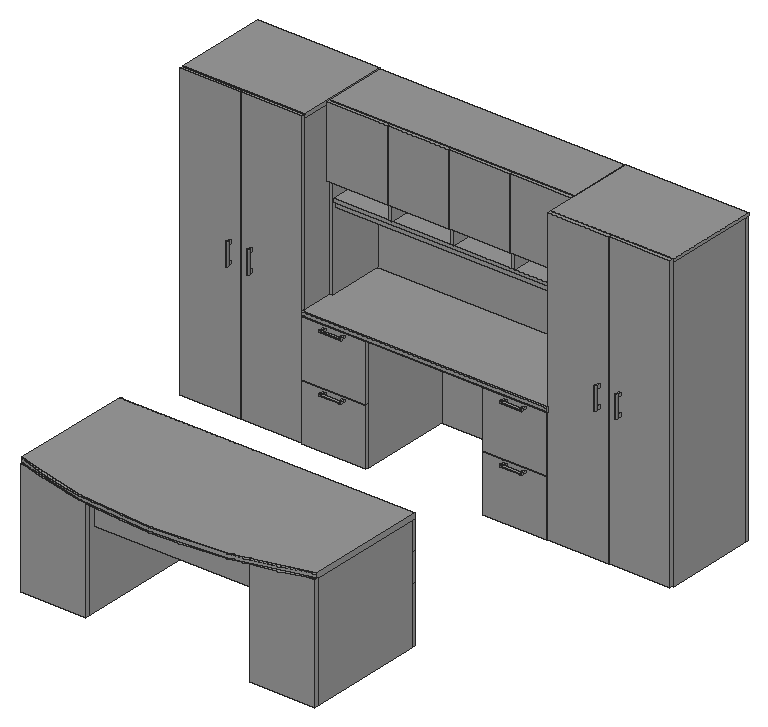
Revit family "JSI-Vision-Typical_Veneer-VSV100", category Furniture, Revit 2020 (continued)
Definition of nested family "JSI-Vision-Overhead_Cabinets_with_Cubbies"
  Lines and regions (in)
    symbolic lines
      curve 1: line (89.875, -0.125, 0) -> (0.125, -0.125, 0)
      curve 2: line (0.125, -0.125, 0) -> (0.125, -15.5625, 0)
      curve 3: line (0.125, -15.5625, 0) -> (89.875, -15.5625, 0)
      curve 4: line (89.875, -15.5625, 0) -> (89.875, -0.125, 0)
      curve 5: line (0.1875, -15.6875, 0) -> (15.02083, -15.6875, 0)
      curve 6: line (0.1875, -16.4375, 0) -> (0.1875, -15.6875, 0)
      curve 7: line (15.02083, -16.4375, 0) -> (0.1875, -16.4375, 0)
      curve 8: line (15.02083, -15.6875, 0) -> (15.02083, -16.4375, 0)
      curve 9: line (15.14583, -15.6875, 0) -> (29.97917, -15.6875, 0)
      curve 10: line (15.14583, -16.4375, 0) -> (15.14583, -15.6875, 0)
      curve 11: line (29.97917, -16.4375, 0) -> (15.14583, -16.4375, 0)
      curve 12: line (29.97917, -15.6875, 0) -> (29.97917, -16.4375, 0)
      curve 13: line (30.10417, -15.6875, 0) -> (44.9375, -15.6875, 0)
      curve 14: line (30.10417, -16.4375, 0) -> (30.10417, -15.6875, 0)
      curve 15: line (44.9375, -16.4375, 0) -> (30.10417, -16.4375, 0)
      curve 16: line (44.9375, -15.6875, 0) -> (44.9375, -16.4375, 0)
      curve 17: line (45.0625, -15.6875, 0) -> (59.89583, -15.6875, 0)
      curve 18: line (45.0625, -16.4375, 0) -> (45.0625, -15.6875, 0)
      curve 19: line (59.89583, -16.4375, 0) -> (45.0625, -16.4375, 0)
      curve 20: line (59.89583, -15.6875, 0) -> (59.89583, -16.4375, 0)
      curve 21: line (60.02083, -15.6875, 0) -> (74.85417, -15.6875, 0)
      curve 22: line (60.02083, -16.4375, 0) -> (60.02083, -15.6875, 0)
      curve 23: line (74.85417, -16.4375, 0) -> (60.02083, -16.4375, 0)
      curve 24: line (74.85417, -15.6875, 0) -> (74.85417, -16.4375, 0)
      curve 25: line (74.97917, -15.6875, 0) -> (89.8125, -15.6875, 0)
      curve 26: line (74.97917, -16.4375, 0) -> (74.97917, -15.6875, 0)
      curve 27: line (89.8125, -16.4375, 0) -> (74.97917, -16.4375, 0)
      curve 28: line (89.8125, -15.6875, 0) -> (89.8125, -16.4375, 0)
  Dimensions and locks (in)
    locked: plane 3 "Center Left/Right" to plane 7 at 0.125
    locked: plane 8 to plane 6 at 0.125
    locked: plane 5 to plane 1 "Center Front/Back" at 0.125
    plane 10 to plane 9 to plane 22 to plane 23 = 7/16" locked, 3/4" locked, 3/4" locked
    "Width": plane 3 "Center Left/Right" to plane 6
    "Depth": plane 10 to plane 1 "Center Front/Back"
    locked: plane 11 to plane 12 at 0.5
    locked: plane 7 to plane 13 at 0.75
    locked: plane 14 to plane 8 at 0.75
    locked: plane 15 to plane 5 at 0.75
    plane 17 to plane 16 to plane 5 = 3/4" locked, 13/16" locked
    locked: plane 11 to plane 18 at 0.75
    locked: plane 20 to plane 19 at 0.75
    plane 18 to plane 20 = 14 1/2"
    locked: plane 11 to plane 26 at 0.0625
    locked: plane 19 to plane 27 at 1.3125
    plane 29 to plane 28 to plane 9 = 3/4" locked, 1/8" locked
    "Door Width": Extrusion 6 sketch curve to Extrusion 6 sketch curve
    "Door Width": Extrusion 7 sketch curve to Extrusion 7 sketch curve
    equal spacing: group 1, group 2, group 5, group 6, group 7, group 8  (x3)
    "Door Array Spacing": Extrusion 6 to Extrusion 7
    "Verticall Partition Distance": plane 24 to plane 31
    plane 33 to plane 31 to plane 34 = 3/8" locked, 3/8" locked
    plane 35 to plane 32 to plane 36 = 3/8" locked, 3/8" locked
    "Verticall Partition Distance": plane 32 to plane 25
    "Unit Centre": plane 3 "Center Left/Right" to plane 30
    locked: plane 13 to plane 37 "Not a Reference" at 6
    locked: plane 38 to plane 14 at 6
    "Door Align Spacing": plane 7 to plane 24
    "Door Align Spacing": plane 25 to plane 8
    locked: plane 19 to plane 39 at 6
    plane 40 to plane 39 to plane 21 = 3/4" locked, 1 1/2" locked
    locked: plane 43 to plane 13 at 0.375
    locked: plane 14 to plane 44 at 0.375
    "Bottom Partition Array Start Distance": plane 24 to plane 45
    plane 46 to plane 45 to plane 47 = 3/8" locked, 3/8" locked
    equal spacing: group 3, group 4, group 9, group 10, group 11  (x3)
    "Bottom Partition Array Distance": Extrusion 12 to Extrusion 13
    "Bottom Partition Array Space": plane 24 to Extrusion 12
    plane 41 to plane 30 to plane 42 = 3/8" locked, 3/8" locked
    "OH Elevation": plane 48 to plane 4
    "Height": plane 12 to plane 48
    "Overhead Height": plane 19 to plane 48
    "Door Width": Extrusion 14 sketch curve to Extrusion 14 sketch curve
    "Door Width": Extrusion 15 sketch curve to Extrusion 15 sketch curve
    "Door Width": Extrusion 16 sketch curve to Extrusion 16 sketch curve
    "Door Width": Extrusion 17 sketch curve to Extrusion 17 sketch curve
    locked: Extrusion 10 sketch curve to Extrusion 1 at 9.6263
    locked: Extrusion 10 sketch curve to Extrusion 10 sketch curve at 21.84469  (x2)
    locked: Extrusion 10 sketch curve to Extrusion 10 sketch curve at 9.6263
    aligned and locked: level to plane 2
    aligned and locked: plane 5 to Extrusion 1 sketch curve
    aligned and locked: plane 7 to Extrusion 1 sketch curve
    aligned and locked: Extrusion 1 sketch curve to plane 13
    aligned and locked: Extrusion 2 sketch curve to plane 5
    aligned and locked: plane 8 to Extrusion 2 sketch curve
    aligned and locked: Extrusion 2 sketch curve to plane 14
    aligned and locked: Extrusion 3 sketch curve to plane 11
    aligned and locked: plane 7 to Extrusion 3 sketch curve
    aligned and locked: Extrusion 3 to plane 5
    aligned and locked: plane 9 to Extrusion 1
    aligned and locked: plane 9 to Extrusion 2
    aligned and locked: plane 9 to Extrusion 3
    aligned and locked: Extrusion 4 sketch curve to plane 20
    aligned and locked: plane 13 to Extrusion 4 sketch curve
    aligned and locked: plane 19 to Extrusion 4 sketch curve
    aligned and locked: Extrusion 4 sketch curve to plane 14
    aligned and locked: Extrusion 4 to plane 17
    aligned and locked: plane 9 to Extrusion 4
    aligned and locked: plane 23 to Extrusion 5 sketch curve
    aligned and locked: plane 13 to Extrusion 5 sketch curve
    aligned and locked: Extrusion 5 sketch curve to plane 22
    aligned and locked: Extrusion 5 sketch curve to plane 14
    aligned and locked: Extrusion 5 to plane 21
    aligned and locked: Extrusion 6 to plane 24
    aligned and locked: plane 17 to Extrusion 8 sketch curve
    aligned and locked: plane 33 to Extrusion 8 sketch curve
    aligned and locked: Extrusion 8 sketch curve to plane 9
    aligned and locked: Extrusion 8 sketch curve to plane 34
    aligned and locked: plane 17 to Extrusion 9 sketch curve
    aligned and locked: plane 35 to Extrusion 9 sketch curve
    aligned and locked: Extrusion 9 sketch curve to plane 9
    aligned and locked: Extrusion 9 sketch curve to plane 36
    aligned and locked: plane 18 to Extrusion 8
    aligned and locked: Extrusion 8 to plane 20
    aligned and locked: plane 18 to Extrusion 9
    aligned and locked: Extrusion 9 to plane 20
    aligned and locked: Extrusion 1 to Extrusion 10 sketch curve
    aligned and locked: Extrusion 10 sketch curve to Extrusion 1
    aligned and locked: Extrusion 10 sketch curve to Extrusion 2
    aligned and locked: Extrusion 10 to plane 16
    aligned and locked: plane 17 to Extrusion 10
    aligned and locked: Extrusion 6 to plane 27
    aligned and locked: Extrusion 11 sketch curve to plane 39
    aligned and locked: Extrusion 11 sketch curve to plane 40
    aligned and locked: Extrusion 11 sketch curve to plane 13
    aligned and locked: Extrusion 11 sketch curve to plane 14
    aligned and locked: Extrusion 11 to plane 17
    aligned and locked: plane 9 to Extrusion 11
    aligned and locked: plane 39 to Extrusion 5
    aligned and locked: Extrusion 12 to plane 40
    aligned and locked: plane 19 to Extrusion 12
    aligned and locked: plane 30 to nested 1
    aligned and locked: plane 29 to nested 1
    aligned and locked: plane 27 to Extrusion 6  (x3)
    aligned and locked: Extrusion 7 to plane 27
    aligned and locked: Extrusion 12 to plane 19  (x2)
    aligned and locked: plane 40 to Extrusion 12  (x2)
    aligned and locked: plane 19 to Extrusion 13
    aligned and locked: Extrusion 13 to plane 40
    aligned and locked: plane 18 to Extrusion 2
    aligned and locked: plane 18 to Extrusion 1
    aligned and locked: plane 26 to Extrusion 6
    aligned and locked: curve 1 to Extrusion 3
    aligned and locked: curve 2 to Extrusion 3
    aligned and locked: curve 3 to Extrusion 3
    aligned and locked: curve 4 to Extrusion 3
    aligned and locked: plane 26 to Extrusion 7
    aligned and locked: Extrusion 13 to plane 19
    aligned and locked: plane 40 to Extrusion 13
    aligned and locked: Extrusion 1 to plane 48
    aligned and locked: Extrusion 2 to plane 48
    aligned and locked: Extrusion 10 sketch curve to plane 48
    aligned and locked: curve 5 to Extrusion 6
    aligned and locked: curve 6 to Extrusion 6
    aligned and locked: curve 7 to Extrusion 6
    aligned and locked: curve 8 to Extrusion 6
    aligned and locked: curve 9 to Extrusion 7
    aligned and locked: curve 10 to Extrusion 7
    aligned and locked: curve 11 to Extrusion 7
    aligned and locked: curve 12 to Extrusion 7
    aligned and locked: curve 13 to Extrusion 14
    aligned and locked: curve 14 to Extrusion 14
    aligned and locked: curve 15 to Extrusion 14
    aligned and locked: curve 16 to Extrusion 14
    aligned and locked: curve 17 to Extrusion 15
    aligned and locked: curve 18 to Extrusion 15
    aligned and locked: curve 19 to Extrusion 15
    aligned and locked: curve 20 to Extrusion 15
    aligned and locked: curve 21 to Extrusion 16
    aligned and locked: curve 22 to Extrusion 16
    aligned and locked: curve 23 to Extrusion 16
    aligned and locked: curve 24 to Extrusion 16
    aligned and locked: curve 25 to Extrusion 17
    aligned and locked: curve 26 to Extrusion 17
    aligned and locked: curve 27 to Extrusion 17
    aligned and locked: curve 28 to Extrusion 17
  Automatic sketch dimensions
    Extrusion 1 sketch curve to plane 10 = 7/16"
    Extrusion 3 sketch curve to plane 8 = 0"
    Extrusion 3 sketch curve to plane 18 = 0"
    plane 9 to Extrusion 2 sketch curve = 0"
    Extrusion 6 sketch curve to Extrusion 6 sketch curve = 3/4"
    Extrusion 7 sketch curve to Extrusion 7 sketch curve = 3/4"
    Extrusion 12 sketch curve to Extrusion 12 sketch curve = 3/4"
    Extrusion 12 sketch curve to Extrusion 12 sketch curve = 13 7/8"
    Extrusion 13 sketch curve to Extrusion 13 sketch curve = 3/4"
    Extrusion 13 sketch curve to Extrusion 13 sketch curve = 13 7/8"
    Extrusion 14 sketch curve to Extrusion 14 sketch curve = 3/4"
    Extrusion 15 sketch curve to Extrusion 15 sketch curve = 3/4"
    Extrusion 16 sketch curve to Extrusion 16 sketch curve = 3/4"
    Extrusion 17 sketch curve to Extrusion 17 sketch curve = 3/4"
    Extrusion 18 sketch curve to Extrusion 18 sketch curve = 3/4"
    Extrusion 18 sketch curve to Extrusion 18 sketch curve = 13 7/8"
    Extrusion 19 sketch curve to Extrusion 19 sketch curve = 3/4"
    Extrusion 19 sketch curve to Extrusion 19 sketch curve = 13 7/8"
    Extrusion 20 sketch curve to Extrusion 20 sketch curve = 3/4"
    Extrusion 20 sketch curve to Extrusion 20 sketch curve = 13 7/8"
    curve 6 to curve 7 = 14.83333"
    curve 6 to curve 6 = 3/4"
    curve 10 to curve 11 = 14.83333"
    curve 10 to curve 10 = 3/4"
    curve 14 to curve 15 = 14.83333"
    curve 14 to curve 14 = 3/4"
    curve 18 to curve 19 = 14.83333"
    curve 18 to curve 18 = 3/4"
    curve 22 to curve 23 = 14.83333"
    curve 22 to curve 22 = 3/4"
    curve 26 to curve 27 = 14.83333"
    curve 26 to curve 26 = 3/4"
    radius of Extrusion 10 sketch curve = 0.33402"  (x2)
  Nested families (in)
    nested 1: "Label 1-16 OH" at (45, -16.4375, 0), type "OH DOORS"
  Definition of nested family "Label 1-16 OH"
    Parameters
      Width = 1"
      Model Name = "XX"
    Reference planes (in)
      plane 1: y = 0
      plane 2: x = 0
    Text (in)
      label "XX" at (0.00051, -0.12324, 0), shows "Model Name"
Definition of nested family "JSI-Vision-Modular_File_File_Pedestal"
  Parameters (values of type "Modular FF Ped - Type Catalog Family")
    URL = "www.jsifurniture.com"
    Tag = "FF"
    Series = "Vision Casegoods"  # constant formula
    Pull Finish = none
    Ped Width = 16"
    Ped Height = 28"
    Model = "Type Catalog"
    Manufacturer = "JSI"  # constant formula
    Keynote = "12500"  # constant formula
    JSI Enviromental website = "http://www.jsifurniture.com/jsi_sustainability_intro.php"
    Description = "Type Catalog"
    Default Elevation = 0"
    Chassis = none
    Ped Depth = 20"
    Grommet Finish = none
    Drawer Front = none
    Assembly Code = "E2020200"
  Reference planes (in)
    plane 1 "Center Front/Back": y = 0
    plane 2: z = 0
    plane 3 "Center Left/Right": x = 0
    plane 4: x = 0.125
    plane 5: x = 16.125
    plane 6: x = 16.25
    plane 7: y = -18.9795
    plane 8: y = -0.1875
    plane 9: y = -19.1095
    plane 10: x = 0.18716
    plane 11: x = 16.06243
    plane 12: y = -19.8595
    plane 13: z = 0.14065
    plane 14: z = 13.95315
    plane 15: z = 14.07815
    plane 16: z = 27.89093
    plane 17: z = 28
    plane 18: x = 0.875
    plane 19: x = 15.376
    plane 20: y = -0.9375
    plane 21: y = -18.23863
    plane 22: z = 13.20333
    plane 23: z = 27.14093
    plane 24: x = 8.125
    plane 25: y = -20
    plane 26: y = -9.80266
    plane 27: y = -14.80266
    plane 28: z = 27.1875
  Forms (in)
    Extrusion 1, solid, material <- "Chassis"
      sketch origin (0.125, -0.1875, 48) x (0, 1, 0) y (0, 0, 1)
        loop
          line (0, -20) -> (-18.792, -20) -> (-18.792, -48) -> (0, -48) -> (0, -20)
      from 0 to 0.75
    Extrusion 2, solid, material <- "Chassis"
      sketch origin (16.125, -0.1875, 48) x (0, 1, 0) y (0, 0, 1)
        loop
          line (0, -20) -> (-18.792, -20) -> (-18.792, -48) -> (0, -48) -> (0, -20)
      from -0.749 to 0
    Extrusion 3, solid, material <- "Drawer Front"
      sketch origin (0, 0, 0) x (1, 0, 0) y (0, 0, 1)
        loop
          line (0.18716, 27.89093) -> (0.18716, 14.07815) -> (16.06243, 14.07815) -> (16.06243, 27.89093) -> (0.18716, 27.89093)
        loop
          line (0.18716, 13.95315) -> (0.18716, 0.14065) -> (16.06243, 0.14065) -> (16.06243, 13.95315) -> (0.18716, 13.95315)
      from 19.1095 to 19.8595
    Extrusion 4, solid, material <- "Chassis"
      sketch origin (0, 0, 0) x (1, 0, 0) y (0, 1, 0)
        loop
          line (0.875, -18.23863) -> (0.875, -18.9795) -> (15.376, -18.9795) -> (15.376, -18.23863) -> (0.875, -18.23863)
      from 0 to 1.9375
    Extrusion 5, solid, material <- "Chassis"
      sketch origin (0, 0, 0) x (0, 1, 0) y (0, 0, 1)
        loop
          line (-9.80266, 27.1875) -> (-9.80266, 27.89093) -> (-14.80266, 27.89093) -> (-14.80266, 27.1875) -> (-9.80266, 27.1875)
      from 0.875 to 15.376
    Extrusion 6, solid, material <- "Chassis"
      sketch origin (0, 0, 0) x (0, 1, 0) y (0, 0, 1)
        loop
          line (-0.9375, 23) -> (-0.1875, 23) -> (-0.1875, 28) -> (-0.9375, 28) -> (-0.9375, 23)
        loop
          line (-0.1875, 5) -> (-0.9375, 5) -> (-0.9375, 0) -> (-0.1875, 0) -> (-0.1875, 5)
      from 0.875 to 15.376
  Lines and regions (in)
    symbolic lines
      curve 1: line (0.125, -18.9795, 0) -> (0.125, -0.1875, 0)
      curve 2: line (16.125, -0.1875, 0) -> (16.125, -18.9795, 0)
      curve 3: line (0.18716, -19.1095, 0) -> (16.06243, -19.1095, 0)
      curve 4: line (0.18716, -19.8595, 0) -> (0.18716, -19.1095, 0)
      curve 5: line (16.06243, -19.8595, 0) -> (0.18716, -19.8595, 0)
      curve 6: line (16.06243, -19.1095, 0) -> (16.06243, -19.8595, 0)
      curve 7: line (0.875, -0.1875, 0) -> (0.875, -18.9795, 0)
      curve 8: line (0.125, -18.9795, 0) -> (0.875, -18.9795, 0)
      curve 9: line (15.376, -0.1875, 0) -> (15.376, -18.9795, 0)
      curve 10: line (15.376, -18.9795, 0) -> (16.125, -18.9795, 0)
      curve 11: line (16.125, -0.1875, 0) -> (15.376, -0.1875, 0)
      curve 12: line (0.875, -0.1875, 0) -> (0.125, -0.1875, 0)
      curve 13: line (0.875, -0.9375, 0) -> (15.376, -0.9375, 0)
      curve 14: line (15.376, -0.1875, 0) -> (0.875, -0.1875, 0)
  Dimensions and locks (in)
    plane 3 "Center Left/Right" to plane 4 = 1/8"
    locked: plane 5 to plane 6 at 0.125
    "Ped Width": plane 4 to plane 5
    locked: plane 1 "Center Front/Back" to plane 8 at 0.1875
    "Ped Height": plane 17 to level
    locked: plane 8 to plane 20 at 0.75
    plane 21 to plane 7 to plane 9 to plane 12 = 0.74087" locked, 0.13" locked, 3/4" locked
    plane 4 to plane 10 to plane 18 = 0.06216" locked, 0.68784" locked
    plane 19 to plane 11 to plane 5 = 0.68644" locked, 0.06257" locked
    plane 3 "Center Left/Right" to plane 24 to plane 6 = 8 1/8", 8 1/8"
    "Ped Depth": plane 25 to plane 1 "Center Front/Back"
    locked: plane 12 to plane 25 at 0.1405
    plane 26 to plane 27 to plane 25 = 5" locked, 5.19734" locked
    plane 17 to plane 16 to plane 15 to plane 14 to plane 13 to plane 2 = 0.10907" locked, 13.81278" locked, 1/8" locked, 13 13/16" locked, 0.14065" locked
    plane 23 to plane 22 to plane 2 = 13.93759" locked, 13.20333" locked
    locked: plane 2 to Extrusion 6 sketch curve at 5
    locked: plane 17 to Extrusion 6 sketch curve at 5
    aligned and locked: level to plane 2
    aligned and locked: Extrusion 1 sketch curve to plane 7
    aligned and locked: Extrusion 1 sketch curve to level
    aligned and locked: Extrusion 2 sketch curve to plane 17
    aligned and locked: level to Extrusion 2 sketch curve
    aligned and locked: plane 7 to Extrusion 2 sketch curve
    aligned and locked: Extrusion 3 sketch curve to plane 16
    aligned and locked: Extrusion 3 sketch curve to plane 10  (x2)
    aligned and locked: plane 11 to Extrusion 3 sketch curve  (x2)
    aligned and locked: plane 15 to Extrusion 3 sketch curve
    aligned and locked: Extrusion 3 sketch curve to plane 14
    aligned and locked: plane 13 to Extrusion 3 sketch curve
    aligned and locked: Extrusion 3 to plane 12
    aligned and locked: plane 9 to Extrusion 3
    aligned and locked: Extrusion 4 sketch curve to plane 21
    aligned and locked: plane 18 to Extrusion 4 sketch curve
    aligned and locked: plane 22 to nested 1
    aligned and locked: nested 1 to plane 12
    aligned and locked: nested 2 to plane 12
    aligned and locked: plane 23 to nested 2
    aligned and locked: plane 26 to Extrusion 5 sketch curve
    aligned and locked: Extrusion 5 sketch curve to plane 28
    aligned and locked: Extrusion 5 sketch curve to plane 27
    aligned and locked: plane 16 to Extrusion 5 sketch curve
    aligned and locked: Extrusion 5 to plane 18
    aligned and locked: plane 19 to Extrusion 5
    aligned and locked: nested 3 to plane 24
    aligned and locked: nested 3 to plane 25
    aligned and locked: nested 2 to plane 24
    aligned and locked: nested 1 to plane 24
    aligned and locked: plane 8 to Extrusion 1
    aligned and locked: plane 8 to Extrusion 2
    aligned and locked: curve 7 to Extrusion 1
    aligned and locked: curve 9 to Extrusion 2
    aligned and locked: curve 11 to Extrusion 2
    aligned and locked: curve 12 to Extrusion 1
    aligned and locked: Extrusion 6 sketch curve to plane 17
    aligned and locked: Extrusion 6 sketch curve to plane 8  (x2)
    aligned and locked: plane 20 to Extrusion 6 sketch curve  (x2)
    aligned and locked: plane 2 to Extrusion 6 sketch curve
    aligned and locked: Extrusion 6 to plane 18
    aligned and locked: plane 19 to Extrusion 6
    aligned and locked: curve 13 to Extrusion 6
    aligned and locked: curve 14 to Extrusion 6
  Automatic sketch dimensions
    Extrusion 1 sketch curve to plane 17 = 0"
    Extrusion 4 sketch curve to plane 7 = 0"
    Extrusion 4 sketch curve to plane 19 = 0"
    plane 20 to Extrusion 1 sketch curve = 3/4"
    plane 20 to Extrusion 2 sketch curve = 3/4"
    curve 1 to plane 4 = 0"
    curve 5 to plane 10 = 0"
    curve 10 to plane 7 = 0"
    curve 6 to plane 9 = 0"
    curve 6 to plane 11 = 0"
    curve 2 to plane 5 = 0"
    curve 4 to plane 12 = 0"
    curve 1 to plane 7 = 0"
  Nested families (in)
    nested 1: "Bar Pull" at (8.125, -19.8595, 13.20333), Pull Finish <- "Pull Finish", type "PL"
      with Pull Finish none
    nested 2: "Bar Pull" at (8.125, -19.8595, 27.14093), Pull Finish <- "Pull Finish", type "PL"
      with Pull Finish none
    nested 3: "Label 1-16" at (8.125, -20, 0), type "DRWCFG"
  Definition of nested family "Bar Pull"
    Parameters
      Pull Finish [instance] = none
      Default Elevation = 0"
    Reference planes (in)
      plane 1 "Center Front/Back": y = 0
      plane 2: z = 0
      plane 3 "Center Left/Right": x = 0
      plane 4: x = -2.68731
      plane 5: x = -1.88731
      plane 6: x = 2.68731
      plane 7: x = 1.88731
      plane 8: y = -1
      plane 9: y = -0.85202
    Forms (in)
      Extrusion 1, solid, material <- "Pull Finish"
        sketch origin (0, 0, 0) x (0, 1, 0) y (0, 0, 1)
          loop
            line (0, -0.2015) -> (0, 0.2015) -> (-0.85202, 0.2015)
            arc (-0.85202, 0.2015) -> (-0.75, 0) -> (-0.85202, -0.2015) r 0.25
            line (-0.85202, -0.2015) -> (0, -0.2015)
        from 1.88731 to 2.68731
      Extrusion 2, solid, material <- "Pull Finish"
        sketch origin (0, 0, 0) x (0, 1, 0) y (0, 0, 1)
          loop
            circle (-1, 0) r 0.25
        from -2.68731 to 2.68731
      Extrusion 3, solid, material <- "Pull Finish"
        sketch origin (0, 0, 0) x (0, 1, 0) y (0, 0, -1)
          loop
            line (0, 0.2015) -> (-0.85202, 0.2015)
            arc (-0.85202, 0.2015) -> (-0.75, 0) -> (-0.85202, -0.2015) r 0.25
            line (-0.85202, -0.2015) -> (0, -0.2015) -> (0, 0.2015)
        from 1.88731 to 2.68731
    Dimensions and locks (in)
      plane 4 to plane 5 to plane 3 "Center Left/Right" to plane 7 to plane 6 = 0.8" locked, 1.88731" locked, 1.88731" locked, 0.8" locked
      plane 8 to plane 9 to plane 1 "Center Front/Back" = 0.14798" locked, 0.85202" locked
      aligned and locked: level to plane 2
      aligned and locked: plane 4 to Extrusion 3
      aligned and locked: Extrusion 3 to plane 5
      aligned and locked: plane 4 to Extrusion 2
      aligned and locked: Extrusion 1 to plane 7
      aligned and locked: plane 6 to Extrusion 1
      aligned and locked: plane 6 to Extrusion 2
      aligned and locked: plane 8 to Extrusion 2 sketch curve
      aligned and locked: Extrusion 3 to plane 1 "Center Front/Back"
      aligned and locked: Extrusion 1 to plane 1 "Center Front/Back"
      aligned and locked: plane 5 to Extrusion 3
      aligned and locked: Extrusion 3 to plane 4
      aligned and locked: Extrusion 2 to plane 4
      aligned and locked: plane 7 to Extrusion 1
      aligned and locked: Extrusion 1 to plane 6
      aligned and locked: Extrusion 2 to plane 6
  Definition of nested family "Label 1-16"
    Parameters
      Width = 1"
      Model Name = "2 Drw - 2 Drs"
    Reference planes (in)
      plane 1: y = 0
      plane 2: x = 0
    Text (in)
      label "XX" at (0.00051, -0.12324, 0), shows "Model Name"
Definition of nested family "JSI-Vision-Adjustable_Bridge_Modesty"
  Parameters (values of type "Modesty for Adj Bridge - Type Catalog Family")
    Width = 40"
    URL = "www.jsifurniture.com"
    Type Comments = ""
    Series = "Vision Casegoods"  # constant formula
    JSI Enviromental Website = "http://www.jsifurniture.com/jsi_sustainability_intro.php"
    Panel = none
    Height-Panel = 9"
    Height = 30"
    Default Elevation = 0"
    Bracket = none
    Model = "Type Catalog"
    Material = ""
    Manufacturer = "JSI"  # constant formula
    Keynote = "12500"  # constant formula
    Description = "Type Catalog"
    Assembly Code = "E2020200"
  Reference planes (in)
    plane 1 "Center Front/Back": y = 0
    plane 2: z = 0
    plane 3 "Center Left/Right": x = 0
    plane 4: z = 30
    plane 5: y = -0.75
    plane 6: x = 20
    plane 7: x = 40
    plane 8: z = 28.8125
    plane 9: x = 8.375
    plane 10: x = 31.625
    plane 11: z = 19.8125
  Forms (in)
    Extrusion 1, solid, material <- "Panel"
      sketch origin (-12, -1, 0) x (1, 0, 0) y (0, 0, -1)
        loop
          line (12, -28.8125) -> (52, -28.8125) -> (52, -19.8125) -> (12, -19.8125) -> (12, -28.8125)
      from 0.25 to 1
    Extrusion 2, solid, material <- "Bracket", detail levels medium+fine
      sketch origin (-12, -1, 0) x (0, -1, 0) y (0, 0, -1)
        loop
          line (1, -28.8125) -> (1, -28.6875) -> (-0.125, -28.6875) -> (-0.125, -22.8125) -> (-0.25, -22.8125) -> (-0.25, -28.8125) -> (1, -28.8125)
      from 20 to 20.75
    Extrusion 3, solid, material <- "Bracket", detail levels medium+fine
      sketch origin (11.625, -1, 0) x (0, -1, 0) y (0, 0, -1)
        loop
          line (1, -28.8125) -> (1, -28.6875) -> (-0.125, -28.6875) -> (-0.125, -22.8125) -> (-0.25, -22.8125) -> (-0.25, -28.8125) -> (1, -28.8125)
      from 8 to 8.75
    Extrusion 4, solid, material <- "Bracket", detail levels medium+fine
      sketch origin (35.25, -1, 0) x (0, -1, 0) y (0, 0, -1)
        loop
          line (1, -28.8125) -> (1, -28.6875) -> (-0.125, -28.6875) -> (-0.125, -22.8125) -> (-0.25, -22.8125) -> (-0.25, -28.8125) -> (1, -28.8125)
      from -4 to -3.25
  Lines and regions (in)
    symbolic lines
      curve 1: line (0, 0, 0) -> (40, 0, 0)
      curve 2: line (0, -0.75, 0) -> (0, 0, 0)
      curve 3: line (40, -0.75, 0) -> (0, -0.75, 0)
      curve 4: line (40, 0, 0) -> (40, -0.75, 0)
  Dimensions and locks (in)
    locked: Extrusion 2 to Extrusion 2 at 0.75
    locked: Extrusion 3 to Extrusion 3 at 0.75
    locked: Extrusion 4 to Extrusion 4 at 0.75
    locked: plane 10 to plane 7 at 8.375
    equal spacing: Extrusion 2, plane 9, Extrusion 2
    equal spacing: Extrusion 4, plane 10, Extrusion 4
    "Height": plane 4 to plane 2
    "Height-Panel": plane 8 to plane 11
    locked: plane 4 to plane 8 at 1.1875
    equal spacing: plane 3 "Center Left/Right", plane 6, plane 7
    "Width": plane 3 "Center Left/Right" to plane 7
    equal spacing: Extrusion 3, plane 6, Extrusion 3
    locked: plane 3 "Center Left/Right" to plane 9 at 8.375
    aligned and locked: level to plane 2
    aligned and locked: Extrusion 1 to plane 5
    aligned and locked: Extrusion 1 to plane 7
    aligned and locked: plane 8 to Extrusion 1
    aligned and locked: plane 8 to Extrusion 2
    aligned and locked: plane 8 to Extrusion 3
    aligned and locked: plane 8 to Extrusion 4
    aligned and locked: curve 3 to Extrusion 1
    aligned and locked: plane 7 to curve 4
    aligned and locked: curve 1 to Extrusion 1
    aligned and locked: Extrusion 1 to plane 11
    aligned and locked: Extrusion 1 to plane 1 "Center Front/Back"
    aligned and locked: Extrusion 1 to plane 3 "Center Left/Right"
  Automatic sketch dimensions
    plane 7 to Extrusion 1 sketch curve = 0"
    Extrusion 1 sketch curve to plane 8 = 0"
    Extrusion 1 sketch curve to Extrusion 1 sketch curve = 9"
    Extrusion 2 sketch curve to plane 5 = 0"
    Extrusion 2 sketch curve to plane 8 = 0"
    Extrusion 2 sketch curve to Extrusion 2 sketch curve = 1/8"
    Extrusion 2 sketch curve to plane 8 = 1/8"
    Extrusion 2 sketch curve to Extrusion 2 sketch curve = 1 1/8"
    Extrusion 2 sketch curve to Extrusion 2 sketch curve = 5 7/8"
    Extrusion 3 sketch curve to plane 5 = 0"
    Extrusion 3 sketch curve to plane 8 = 0"
    Extrusion 3 sketch curve to Extrusion 3 sketch curve = 1/8"
    Extrusion 3 sketch curve to plane 8 = 1/8"
    Extrusion 3 sketch curve to Extrusion 3 sketch curve = 1 1/8"
    Extrusion 3 sketch curve to Extrusion 3 sketch curve = 5 7/8"
    Extrusion 4 sketch curve to plane 5 = 0"
    Extrusion 4 sketch curve to plane 8 = 0"
    Extrusion 4 sketch curve to Extrusion 4 sketch curve = 1/8"
    Extrusion 4 sketch curve to plane 8 = 1/8"
    Extrusion 4 sketch curve to Extrusion 4 sketch curve = 1 1/8"
    Extrusion 4 sketch curve to Extrusion 4 sketch curve = 5 7/8"
    plane 9 to curve 1 = 8 3/8"
    plane 9 to Extrusion 1 sketch curve = 8 3/8"
Definition of nested family "JSI-Vision-Bowfront_Desk_Top"
  Parameters (values of type "VST3672BMCT - Modular Bowfront Desk Top - 72"W x 36"D x 1 3/16"H")
    Worksurface = none
    Width = 72"
    URL = "www.jsifurniture.com"
    Type Comments = ""
    Series = "Vision Casegoods"  # constant formula
    Model = "VST3672BMCT"
    Material = ""
    Manufacturer = "JSI"  # constant formula
    Keynote = "12500"  # constant formula
    JSI Enviromental Website = "http://www.jsifurniture.com/jsi_sustainability_intro.php"
    Height Top = 30"
    Height = 1 3/16"
    Description = "Modular Bowfront Desk Top Laminate - 72\"W x 36\"D x 1 3/16\"H"
    Depth chassis = Depth - 6"  # 30"
    Depth = 36"
    Default Elevation = 0"
    Assembly Code = "E2020200"
  Types (4): name | Model | Description | Depth chassis | Depth
    VST3672BMCT - Modular Bowfront Desk Top - 72"W x 36"D x 1 3/16"H | "VST3672BMCT" | "Modular Bowfront Desk Top Laminate - 72\"W x 36\"D x 1 3/16\"H" | 30" | 36"
    VST4272BMCT - Modular Bowfront Desk Top - 72"W x 42"D x 1 3/16"H | "VST4272BMCT" | "Modular Bowfront Desk Top Laminate - 72\"W x 42\"D x 1 3/16\"H" | 36" | 42"
    VSV3672BMCT - Modular Bowfront Desk Top - 72"W x 36"D x 1 3/16"H | "VSV3672BMCT" | "Modular Bowfront Desk Top Veneer - 72\"W x 36\"D x 1 3/16\"H" | 30" | 36"
    VSV4272BMCT - Modular Bowfront Desk Top - 72"W x 42"D x 1 3/16"H | "VSV4272BMCT" | "Modular Bowfront Desk Top Veneer - 72\"W x 42\"D x 1 3/16\"H" | 36" | 42"
  Reference planes (in)
    plane 1: z = 0
    plane 2 "Center (Left/Right)": x = -36.06413
    plane 3: z = 30
    plane 4: z = 28.8125
    plane 5: y = -25.25
    plane 6 "Center (Front/Back)": y = 10.75
    plane 7: y = 10.625
    plane 8: y = 4.75
    plane 9: x = -0.06413
    plane 10: x = 35.93587
    plane 11: y = 4.82193
    plane 12: y = 4.82155
  Forms (in)
    Extrusion 1, solid, material <- "Worksurface"
      sketch origin (0, 0, 0) x (1, 0, 0) y (0, 1, 0)
        loop
          line (-36.06413, -25.125) -> (35.93587, -25.125) -> (35.93587, 4.68958)
          arc (35.93587, 4.68958) -> (-0.06413, 10.625) -> (-36.06413, 4.68958) r 112.14275
          line (-36.06413, 4.68958) -> (-36.06413, -25.125)
      from 28.8125 to 30
    Extrusion 2, void
      sketch origin (0, 0, 0) x (-1, 0, 0) y (0, -1, 0)
        loop
          line (-35.93587, -4.46328) -> (-36.3014, -4.90175) -> (-35.93587, -4.90175) -> (-35.93587, -4.46328)
      from 28.70342 to 30.11791
    Sweep 3, solid, material <- "Worksurface"
      path in 3D
        loop
          line (-36.06413, -25.125, 30) -> (35.93587, -25.125, 30)
      profile origin (-0.06413, -25.125, 30) x (0, 1, 0) y (0, 0, 1)
        loop
          arc (0, 0) -> (-0.08839, -0.03661) -> (-0.125, -0.125) r 0.125
          line (-0.125, -0.125) -> (-0.125, -1.0625)
          arc (-0.125, -1.0625) -> (-0.08839, -1.15089) -> (0, -1.1875) r 0.125
          line (0, -1.1875) -> (0, 0)
    Extrusion 4, void
      sketch origin (-0.12827, 0, 0) x (1, 0, 0) y (0, 1, 0)
        loop
          line (-35.93587, 4.46328) -> (-35.93587, 4.90175) -> (-36.3014, 4.90175) -> (-35.93587, 4.46328)
      from 28.70342 to 30.11791
    Sweep 5, solid, material <- "Worksurface"
      path in 3D
        loop
          arc (-36.06413, 4.68958, 30) -> (-0.06413, 10.625, 30) -> (35.93587, 4.68958, 30) r 112.14275
      profile origin (-0.06413, 10.625, 30) x (0, 1, 0) y (0, 0, 1)
        loop
          line (0, 0) -> (0, -1.1875)
          arc (0, -1.1875) -> (0.08839, -1.15089) -> (0.125, -1.0625) r 0.125
          line (0.125, -1.0625) -> (0.125, -0.125)
          arc (0.125, -0.125) -> (0.08839, -0.03661) -> (0, 0) r 0.125
  Cuts and joins
    Extrusion 4 cuts Extrusion 1
    Extrusion 4 cuts Sweep 3
    Extrusion 2, Extrusion 4 cuts Sweep 5
    joined: Extrusion 1, Sweep 3, Sweep 5
  Lines and regions (in)
    sketch lines
      curve 1: line (-36.06413, -25.125, 30) -> (35.93587, -25.125, 30)
      curve 5: arc (-36.06413, 4.68958, 30) -> (-0.06413, 10.625, 30) -> (35.93587, 4.68958, 30) r 112.14275
    symbolic lines
      curve 2: line (35.93587, -25.25, 0) -> (-36.06413, -25.25, 0)
      curve 3: line (35.93587, -25.25, 0) -> (35.93587, 4.82193, 0)
      curve 4: line (-36.06413, 4.82193, 0) -> (-36.06413, -25.25, 0)
      curve 6: arc (-36.06413, 4.82193, 0) -> (-0.06413, 10.75037, 0) -> (35.93587, 4.82193, 0) r 112.26775
  Dimensions and locks (in)
    "Height Top": plane 3 to level
    "Height": plane 3 to plane 4
    "Depth": plane 6 "Center (Front/Back)" to plane 5
    locked: plane 7 to plane 6 "Center (Front/Back)" at 0.125
    equal spacing: plane 2 "Center (Left/Right)", plane 9, plane 10
    "Width": plane 2 "Center (Left/Right)" to plane 10
    "Depth chassis": plane 8 to plane 5
    locked: Extrusion 1 sketch curve to plane 6 "Center (Front/Back)" at 0.125
    plane 6 "Center (Front/Back)" to curve 6 = 0.00037"
    aligned and locked: level to plane 1
    aligned and locked: curve 4 to Extrusion 1
    aligned and locked: plane 10 to Extrusion 2
    aligned and locked: plane 10 to Extrusion 1 sketch curve
    aligned and locked: plane 2 "Center (Left/Right)" to Extrusion 1 sketch curve
  Automatic sketch dimensions
    plane 5 to Extrusion 1 sketch curve = 1/8"
    Extrusion 2 sketch curve to plane 10 = 0"
    plane 11 to Extrusion 2 sketch curve = 0.07982"
    Extrusion 2 sketch curve to Extrusion 2 sketch curve = 0.36554"
    Sweep 3 sketch curve to profile plane = 0"  (x2)
    profile plane to Sweep 3 sketch curve = 1/8"
    Sweep 3 sketch curve to Sweep 3 sketch curve = 15/16"
    Extrusion 4 sketch curve to plane 2 "Center (Left/Right)" = 0"
    plane 11 to Extrusion 4 sketch curve = 0.07982"
    Extrusion 4 sketch curve to plane 2 "Center (Left/Right)" = 0.36554"
    Sweep 5 sketch curve to profile plane = 0"  (x2)
    Sweep 5 sketch curve to profile plane = 1/8"
    Sweep 5 sketch curve to Sweep 5 sketch curve = 15/16"
    curve 2 to plane 2 "Center (Left/Right)" = 0"
    curve 6 to plane 9 = 0"
    curve 3 to plane 10 = 0"
    curve 3 to plane 5 = 0"
    curve 6 to plane 11 = 0"
    Extrusion 1 sketch curve to plane 9 = 0"
    Extrusion 1 sketch curve to plane 5 = 76.26775"
    Extrusion 2 sketch curve to plane 8 = 0.28672"
    Extrusion 4 sketch curve to plane 8 = 0.28672"
Definition of nested family "JSI-Vision-Modular_Full_Height_Back_Modular_Pedestal"
  Parameters (values of type "VSV1628MPBK, Modular Full Height Back Panel for Modular Pedestal- Veneer")
    Panel Finish = none
    Width = 16"
    URL = "www.jsifurniture.com"
    Type Comments = ""
    Series = "Vision Casegoods"  # constant formula
    Model = "VSV1628MPBK"
    Material = ""
    Manufacturer = "JSI"  # constant formula
    Keynote = "12500"  # constant formula
    JSI Enviromental Website = "http://www.jsifurniture.com/jsi_sustainability_intro.php"
    Height = 28"
    Description = "Modular Full Height Back Panel for Modular Pedestal- Veneer"
    Depth = 3/4"
    Default Elevation = 0"
    Assembly Code = "E2020200"
  Types (4): name | Width | Model | Description
    VST1628MPBK, Modular Full Height Back Panel for Modular Pedestal- Laminate | 16" | "VST1628MPBK" | "Modular Full Height Back Panel for Modular Pedestal- Laminate"
    VST3628MPBK, Modular Full Height Back Panel for Modular Pedestal- Laminate | 35 7/8" | "VST3628MPBK" | "Modular Full Height Back Panel for Modular Pedestal- Laminate"
    VSV1628MPBK, Modular Full Height Back Panel for Modular Pedestal- Veneer | 16" | "VSV1628MPBK" | "Modular Full Height Back Panel for Modular Pedestal- Veneer"
    VSV3628MPBK, Modular Full Height Back Panel for Modular Pedestal- Veneer | 35 7/8" | "VSV3628MPBK" | "Modular Full Height Back Panel for Modular Pedestal- Veneer"
  Reference planes (in)
    plane 1 "Center Front/Back": y = 0
    plane 2: z = 0
    plane 3 "Center Left/Right": x = 0
    plane 4: z = 28
    plane 5: x = 16
    plane 6: y = -0.75
  Forms (in)
    Extrusion 1, solid, material <- "Panel Finish"
      sketch origin (0, 0, 0) x (1, 0, 0) y (0, 1, 0)
        loop
          line (0, 0) -> (0, -0.75) -> (16, -0.75) -> (16, 0) -> (0, 0)
      from 0 to 28
  Lines and regions (in)
    symbolic lines
      curve 1: line (0, 0, 0) -> (16, 0, 0)
      curve 2: line (0, -0.75, 0) -> (0, 0, 0)
      curve 3: line (16, -0.75, 0) -> (0, -0.75, 0)
      curve 4: line (16, 0, 0) -> (16, -0.75, 0)
  Dimensions and locks (in)
    "Width": plane 3 "Center Left/Right" to plane 5
    "Depth": plane 1 "Center Front/Back" to plane 6
    "Height": plane 4 to plane 2
    aligned and locked: level to plane 2
    aligned and locked: plane 3 "Center Left/Right" to Extrusion 1 sketch curve
    aligned and locked: Extrusion 1 sketch curve to plane 5
    aligned and locked: plane 6 to Extrusion 1 sketch curve
    aligned and locked: plane 1 "Center Front/Back" to Extrusion 1 sketch curve
    aligned and locked: plane 4 to Extrusion 1
    aligned and locked: plane 3 "Center Left/Right" to curve 2
    aligned and locked: curve 4 to plane 5
    aligned and locked: plane 1 "Center Front/Back" to curve 1
    aligned and locked: plane 6 to curve 3
